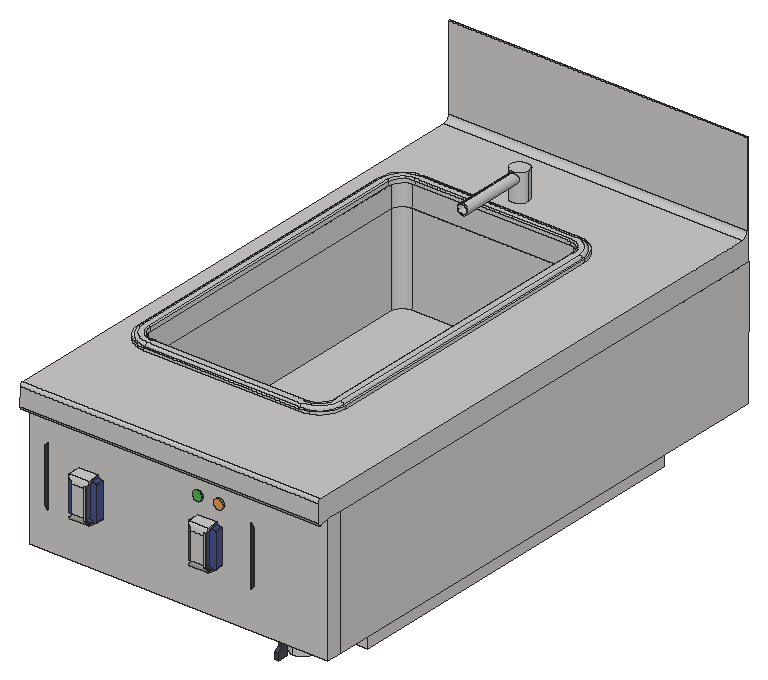
Revit family "QF_ELECTROLUXPROFESSIONAL_589923_HCBDBBDODM", category Specialty Equipment, Revit 2023
Family settings
  Round Connector Dimension = Use Diameter
  Part Type = Normal
  Work Plane-Based = No
  Enable Cutting in Views = No
  Always vertical = Yes
  Cut with Voids When Loaded = No
  Maintain Annotation Orientation = No
  Shared = No
  Room Calculation Point = No
Parameters
  Weight in Pounds = 487.22
  Weight = 45.00 kg
  Watts = 0 W
  Volts = 440 V
  URL Manufacturer = "http://www.electroluxprofessional.com"
  URL Cutsheet = ""
  URL = "http://www.electroluxprofessional.com"
  Type Mark [instance] = ""
  ThermaLine_Logo_Visible [instance] = no
  Specification by User [instance] = ""
  Specification by Manufacturer = ""
  Serial Number = ""
  Seismic Rating = ""
  SMACNA No = ""
  Revision Code [instance] = ""
  Phase = 3
  Length Actual = 500 mm
  Height Actual = 250 mm
  HP = "10.1 HP"
  Gas KW = 0
  Depth Actual = 900 mm
  Default Elevation = 0 mm
  Omniclass Number and Title = ""
  NAFEM Spec ID Number = ""
  Model = "HCBDBBDODM"
  Masterspec = ""
  Manufacturer = "Electrolux Professional"
  Item Number [instance] = "589923"
  Installed By [instance] = ""
  Identify Quantity as Lot [instance] = yes
  Furnished By [instance] = ""
  Foodservice Equipment Identifier [instance] = yes
  Electrolux_Logo_Visible [instance] = no
  Description = "ELECTRIC PASTA COOKER, 1/1GN, 1-SIDE, SPLASHBACK, 500X900X250H MARINE USPHS (ONLY M2M)"
  Cycle = 60 Hz
  Cold Water Size = 3/4"
  CSI MasterFormat = ""
  CSI Master Format = ""
  Accessory = no
Reference planes
  plane 1 "BACK": y = 0
  plane 2: z = 0
  plane 3 "LEFT": x = 0
  plane 4 "RIGHT": x = 500
  plane 5 "FRONT": y = -900
  plane 6 "TOP": z = 900
  plane 7 "Center (Left/Right)": x = 250
  plane 8 "Center (Front/Back)": y = -450
  plane 9: y = -150
  plane 10: y = -115
  plane 11: y = -863
  plane 12 "BaseTop": z = 650
  plane 13: y = -855
  plane 14 "EIx": x = 455
  plane 15: z = 1131
  plane 16 "Rubinetto": y = -105
  plane 17 "DrainX": x = 285
  plane 18 "WI_X": x = 80
  plane 19: x = 200.911
  plane 20 "DrainY": y = -665
  plane 21 "WI_Y": y = -680
  plane 22 "EI_Y": y = -720
  plane 23 "VASCA_base": z = 605
  plane 24 "Drain1_X": x = 200
  plane 25 "Drain1_Y": y = -160
  plane 26: x = 25
  plane 27: x = 375
  plane 28: z = 692.5
Forms (mm)
  Extrusion 1, solid, material "QF_Finishes_Stainless Steel"
    sketch origin (-178.969, -4572, 100) x (-1, 0, 0) y (0, -1, 0)
      loop
        line (-178.969, -4572) -> (-178.969, -3717) -> (-678.969, -3717) -> (-678.969, -4572) -> (-178.969, -4572)
    from 550 to 762.969
  Extrusion 2, solid, material "QF_Finishes_Stainless Steel"
    sketch origin (250, 296.4, 1219.2) x (0, 1, 0) y (0, 0, 1)
      loop
        line (-296.4, -169.2) -> (-298.4, -169.2) -> (-298.4, -309.2)
        arc (-298.4, -309.2) -> (-301.329, -316.271) -> (-308.4, -319.2) r 10
        line (-308.4, -319.2) -> (-1191.4, -319.2)
        arc (-1191.4, -319.2) -> (-1194.935, -320.664) -> (-1196.4, -324.2) r 5
        line (-1196.4, -324.2) -> (-1196.4, -355.2)
        arc (-1196.4, -355.2) -> (-1194.971, -358.264) -> (-1191.705, -359.139) r 4
        line (-1191.705, -359.139) -> (-1176.4, -356.231) -> (-296.4, -356.231) -> (-296.4, -169.2)
    from -250 to 250
  Extrusion 3, void
    sketch origin (-42.262, -65.631, 900) x (-1, 0, 0) y (0, -1, 0)
      loop
        arc (-378.131, 646.369) -> (-392.273, 640.511) -> (-398.131, 626.369) r 20
        line (-398.131, 626.369) -> (-398.131, 117.369)
        arc (-398.131, 117.369) -> (-392.273, 103.227) -> (-378.131, 97.369) r 20
        line (-378.131, 97.369) -> (-109.131, 97.369)
        arc (-109.131, 97.369) -> (-94.989, 103.227) -> (-89.131, 117.369) r 20
        line (-89.131, 117.369) -> (-89.131, 626.369)
        arc (-89.131, 626.369) -> (-94.989, 640.511) -> (-109.131, 646.369) r 20
        line (-109.131, 646.369) -> (-378.131, 646.369)
    from 0 to -190
  Sweep 4, solid, material "QF_Finishes_Stainless Steel"
    path origin (0, -25, 900) x (-1, 0, 0) y (0, -1, 0)
      loop
        line (-31.869, 163) -> (-31.869, 662)
        arc (-31.869, 662) -> (-43.585, 690.284) -> (-71.869, 702) r 40
        line (-71.869, 702) -> (-330.869, 702)
        arc (-330.869, 702) -> (-359.153, 690.284) -> (-370.869, 662) r 40
        line (-370.869, 662) -> (-370.869, 163)
        arc (-370.869, 163) -> (-359.153, 134.716) -> (-330.869, 123) r 40
        line (-330.869, 123) -> (-71.869, 123)
        arc (-71.869, 123) -> (-43.585, 134.716) -> (-31.869, 163) r 40
    profile origin (31.869, -437.5, 900) x (1, 0, 0) y (0, 0, 1)
      loop
        line (15, 0) -> (15, 6)
        arc (15, 6) -> (14.414, 7.414) -> (13, 8) r 2
        line (13, 8) -> (4, 8)
        arc (4, 8) -> (1.172, 6.828) -> (0, 4) r 4
        line (0, 4) -> (-4, 4) -> (-4, 0) -> (15, 0)
  Extrusion 5, void
    sketch origin (0, 25, 900) x (-1, 0, 0) y (0, -1, 0)
      loop
        arc (-335.869, 737) -> (-350.011, 731.142) -> (-355.869, 717) r 20
        line (-355.869, 717) -> (-355.869, 208)
        arc (-355.869, 208) -> (-350.011, 193.858) -> (-335.869, 188) r 20
        line (-335.869, 188) -> (-66.869, 188)
        arc (-66.869, 188) -> (-52.727, 193.858) -> (-46.869, 208) r 20
        line (-46.869, 208) -> (-46.869, 717)
        arc (-46.869, 717) -> (-52.727, 731.142) -> (-66.869, 737) r 20
        line (-66.869, 737) -> (-335.869, 737)
    from 0 to -190
  Extrusion 6, void
    sketch origin (35.003, -199.348, 650) x (-1, 0, 0) y (0, -1, 0)
      loop
        circle (-249.997, 465.652) r 15
    from 51.235 to 62.378
  Extrusion 7, solid, material "QF_Finishes_Stainless Steel"
    sketch origin (0, 0, 900) x (-1, 0, 0) y (0, -1, 0)
      loop
        circle (-201.193, 105) r 15
    from 0 to 45
  Extrusion 8, solid, material "QF_Finishes_Stainless Steel"
    sketch origin (0, -105, 0) x (0, 0, 1) y (-1, 0, 0)
      loop
        circle (935, -201.193) r 8.538
      loop
        circle (935, -201.193) r 7.538
    from 0 to 120
  Extrusion 9, solid, material "QF_Finishes_Stainless Steel"
    sketch origin (0, 0, 0) x (1, 0, 0) y (0, 1, 0)
      loop
        circle (455, -720) r 10
    from 601.586 to 605
  Extrusion 10, solid, material "QF_Finishes_Stainless Steel"
    sketch origin (0, 0, 0) x (1, 0, 0) y (0, 1, 0)
      loop
        circle (80, -680) r 12.7
    from 585.184 to 605
  Extrusion 11, solid, material "QF_Finishes_Stainless Steel"
    sketch origin (2.131, -0.5, 605) x (0, 1, 0) y (-1, 0, 0)
      loop
        line (-139.5, -27.869) -> (-759.5, -27.869) -> (-759.5, -467.869) -> (-139.5, -467.869) -> (-139.5, -27.869)
    from 0 to 45
  Extrusion 12, solid, material "QF_Finishes_Stainless Steel"
    sketch origin (45, 0, 0) x (1, 0, 0) y (0, 1, 0)
      loop
        circle (80, -680) r 12.7
    from 585.184 to 605
  Extrusion 13, solid, material "QF_Clearances", detail levels coarse
    sketch origin (0, 0, 0) x (1, 0, 0) y (0, 0, 1)
      loop
        line (0, 650) -> (0, 350) -> (500, 350) -> (500, 650) -> (0, 650)
    from 830 to 0
  Extrusion 14, solid, material "QF_Finishes_Black"
    sketch origin (285, 0, 0) x (0, 1, 0) y (0, 0, 1)
      loop
        line (-701.372, 564.23) -> (-718.355, 564.23) -> (-718.355, 554.23) -> (-711.284, 547.159) -> (-711.284, 522.159) -> (-718.355, 515.088) -> (-718.355, 505.088) -> (-701.372, 505.088) -> (-701.372, 564.23)
    from 3 to -3
  Extrusion 15, solid, material "QF_Finishes_Stainless Steel"
    sketch origin (0, -665, 0) x (-1, 0, 0) y (0, 0, 1)
      loop
        circle (-285, 534.659) r 10
    from 0 to -36.372
  Revolve 16, solid, material "QF_Finishes_Stainless Steel"
    sketch origin (285, 0, 0) x (0, 1, 0) y (0, 0, 1)
      loop
        line (-682.968, 605) -> (-682.968, 555) -> (-692.968, 555) -> (-690.121, 514.278) -> (-684.393, 514.278) -> (-684.393, 497.611) -> (-665, 497.611) -> (-665, 605) -> (-682.968, 605)
      axis (-665, 605) -> (-665, 497.611)
    angle from 0 to 360
  Extrusion 17, solid, material "QF_Finishes_Stainless Steel"
    sketch origin (0, 0, 605) x (0, 1, 0) y (-1, 0, 0)
      loop
        circle (-160, -200) r 15
    from 0 to -85
  Extrusion 18, solid, material "QF_Finishes_Stainless Steel"
    sketch origin (0, 0, 605) x (0, 1, 0) y (-1, 0, 0)
      loop
        circle (-160, -200) r 20
    from -85 to -105
  Extrusion 19, solid, material "QF_Clearances", detail levels coarse
    sketch origin (0, -900, 0) x (1, 0, 0) y (0, 0, 1)
      loop
        line (0, 650) -> (0, 630) -> (500, 630) -> (500, 650) -> (0, 650)
    from -20 to -70
  Extrusion 20, solid, material "QF_Finishes_Stainless Steel"
    sketch origin (0, 0, 650) x (-1, 0, 0) y (0, -1, 0)
      loop
        circle (-201.193, 105) r 8
      loop
        circle (-201.193, 105) r 6.5
    from -60 to 0
Cuts and joins
  Extrusion 3 cuts Extrusion 2
  Extrusion 5 cuts Sweep 4
  Extrusion 5, Extrusion 6 cuts Extrusion 1
  joined: Extrusion 7, Extrusion 8
  joined: Extrusion 15, Revolve 16
  joined: Extrusion 13, Extrusion 19
Lines and regions (mm)
  symbolic lines, style "QF_2DLine_200"
    curve 1: line (0, 0, 100) -> (500, 0, 100)
    curve 2: line (0, -900, 100) -> (0, 0, 100)
    curve 3: line (500, -900, 100) -> (0, -900, 100)
    curve 4: line (500, 0, 100) -> (500, -900, 100)
  symbolic lines, style "QF_2DLine_204"
    curve 5: circle (285, -665, 0) r 15 normal (0, 0, 1)
    curve 6: arc (71.869, -144, 605) -> (40.756, -156.887, 605) -> (27.869, -188, 605) r 44
    curve 7: arc (71.869, -148, 605) -> (43.585, -159.716, 605) -> (31.869, -188, 605) r 40
    curve 8: arc (71.869, -163, 605) -> (54.192, -170.322, 605) -> (46.869, -188, 605) r 25
    curve 9: line (330.869, -148, 605) -> (209.73, -148, 605)
    curve 10: line (330.869, -144, 605) -> (209.73, -144, 605)
    curve 11: line (71.869, -163, 605) -> (192.655, -163, 605)
    curve 12: arc (355.869, -188, 605) -> (348.547, -170.322, 605) -> (330.869, -163, 605) r 25
    curve 13: arc (374.869, -188, 605) -> (361.982, -156.887, 605) -> (330.869, -144, 605) r 44
    curve 14: arc (370.869, -188, 605) -> (359.153, -159.716, 605) -> (330.869, -148, 605) r 40
    curve 15: line (355.869, -188, 605) -> (355.869, -687, 605)
    curve 16: line (370.869, -687, 605) -> (370.869, -188, 605)
    curve 17: line (374.869, -687, 605) -> (374.869, -188, 605)
    curve 18: line (192.655, -225, 605) -> (209.73, -225, 605)
    curve 19: circle (201.193, -105, 605) r 15 normal (0, 0, 1)
    curve 20: line (27.869, -188, 605) -> (27.869, -687, 605)
    curve 21: line (31.869, -687, 605) -> (31.869, -188, 605)
    curve 22: line (46.869, -687, 605) -> (46.869, -188, 605)
    curve 23: arc (27.869, -687, 605) -> (40.756, -718.113, 605) -> (71.869, -731, 605) r 44
    curve 24: arc (31.869, -687, 605) -> (43.585, -715.284, 605) -> (71.869, -727, 605) r 40
    curve 25: arc (46.869, -687, 605) -> (54.192, -704.678, 605) -> (71.869, -712, 605) r 25
    curve 26: line (330.869, -712, 605) -> (71.869, -712, 605)
    curve 27: line (71.869, -727, 605) -> (330.869, -727, 605)
    curve 28: line (71.869, -731, 605) -> (330.869, -731, 605)
    curve 29: arc (330.869, -731, 605) -> (361.982, -718.113, 605) -> (374.869, -687, 605) r 44
    curve 30: arc (330.869, -727, 605) -> (359.153, -715.284, 605) -> (370.869, -687, 605) r 40
    curve 31: arc (330.869, -712, 605) -> (348.547, -704.678, 605) -> (355.869, -687, 605) r 25
    curve 32: line (192.655, -144, 605) -> (71.869, -144, 605)
    curve 33: line (192.655, -148, 605) -> (71.869, -148, 605)
    curve 34: line (209.73, -163, 605) -> (330.869, -163, 605)
    curve 35: line (209.73, -225, 605) -> (209.73, -117.333, 605)
    curve 36: line (192.655, -225, 605) -> (192.655, -117.333, 605)
Dimensions and locks
  plane 3 "LEFT" to plane 4 "RIGHT" = 500 mm
  plane 5 "FRONT" to plane 1 "BACK" = 900 mm
  equal spacing: plane 3 "LEFT", plane 7 "Center (Left/Right)", plane 4 "RIGHT"
  plane 5 "FRONT" to plane 8 "Center (Front/Back)" to plane 1 "BACK" = 450 mm, 450 mm
  plane 6 "TOP" to level = 900 mm  (x2)
  plane 1 "BACK" to plane 9 = 150 mm
  plane 10 to plane 1 "BACK" = 115 mm
  locked: plane 5 "FRONT" to plane 11 at 37
  locked: plane 6 "TOP" to plane 12 "BaseTop" at 250
  locked: plane 13 to plane 5 "FRONT" at 45
  plane 14 "EIx" to plane 4 "RIGHT" = 45 mm
  plane 15 to plane 6 "TOP" = 231 mm
  plane 11 to plane 13 = 8 mm
  plane 3 "LEFT" to plane 17 "DrainX" = 285 mm
  plane 17 "DrainX" to plane 4 "RIGHT" = 215 mm
  plane 20 "DrainY" to plane 1 "BACK" = 665 mm
  plane 21 "WI_Y" to plane 1 "BACK" = 680 mm
  plane 22 "EI_Y" to plane 1 "BACK" = 720 mm
  plane 18 "WI_X" to plane 4 "RIGHT" = 420 mm
  plane 12 "BaseTop" to plane 23 "VASCA_base" = 45 mm
  plane 24 "Drain1_X" to plane 4 "RIGHT" = 300 mm
  plane 25 "Drain1_Y" to plane 1 "BACK" = 160 mm
  aligned and locked: level to plane 2
  aligned and locked: Extrusion 1 to plane 13
  aligned and locked: nested 1 to plane 13
  aligned and locked: Extrusion 13 to nested 1
Automatic sketch dimensions
  curve 5 to plane 17 "DrainX" = 0 mm
  curve 5 to plane 20 "DrainY" = 0 mm
  plane 1 "BACK" to Extrusion 1 sketch curve = 0 mm
  Extrusion 1 sketch curve to plane 4 "RIGHT" = 0 mm
  Extrusion 1 sketch curve to plane 3 "LEFT" = 0 mm
  Extrusion 1 sketch curve to plane 13 = 0 mm
  plane 1 "BACK" to curve 1 = 0 mm
  curve 1 to plane 4 "RIGHT" = 0 mm
  curve 3 to plane 3 "LEFT" = 0 mm
  plane 5 "FRONT" to curve 3 = 0 mm
  Extrusion 3 sketch curve to plane 21 "WI_Y" = 12 mm  (x2)
  plane 17 "DrainX" to Extrusion 3 sketch curve = 70.869 mm
  Extrusion 3 sketch curve to Extrusion 3 sketch curve = 20 mm
  plane 22 "EI_Y" to Extrusion 3 sketch curve = 8 mm
  Extrusion 3 sketch curve to plane 18 "WI_X" = 13.131 mm  (x2)
  Sweep 4 sketch curve to plane 21 "WI_Y" = 7 mm  (x2)
  Sweep 4 sketch curve to plane 14 "EIx" = 84.131 mm
  Sweep 4 sketch curve to plane 22 "EI_Y" = 7 mm
  plane 9 to Sweep 4 sketch curve = 2 mm
  plane 17 "DrainX" to Sweep 4 sketch curve = 45.869 mm
  Sweep 4 sketch curve to plane 18 "WI_X" = 8.131 mm  (x2)
  Sweep 4 sketch curve to plane 6 "TOP" = 0 mm
  profile plane to Sweep 4 sketch curve = 0 mm
  profile plane to Sweep 4 sketch curve = 4 mm
  Sweep 4 sketch curve to Sweep 4 sketch curve = 4 mm
  Sweep 4 sketch curve to Sweep 4 sketch curve = 9 mm
  Sweep 4 sketch curve to Sweep 4 sketch curve = 2 mm
  plane 6 "TOP" to Sweep 4 sketch curve = 4 mm
  plane 17 "DrainX" to Extrusion 5 sketch curve = 70.869 mm
  Extrusion 5 sketch curve to Extrusion 5 sketch curve = 20 mm  (x3)
  Extrusion 5 sketch curve to plane 18 "WI_X" = 13.131 mm  (x2)
  Extrusion 5 sketch curve to plane 21 "WI_Y" = 12 mm
  Extrusion 6 sketch curve to plane 17 "DrainX" = 0 mm
  Extrusion 6 sketch curve to plane 20 "DrainY" = 0 mm
  plane 16 "Rubinetto" to Extrusion 7 sketch curve = 0 mm
  Extrusion 7 sketch curve to plane 19 = 0.282 mm
  Extrusion 8 sketch curve to Extrusion 8 sketch curve = 0 mm  (x2)
  Extrusion 8 sketch curve to plane 19 = 0.282 mm
  plane 6 "TOP" to Extrusion 8 sketch curve = 35 mm
  Extrusion 9 sketch curve to plane 14 "EIx" = 0 mm
  Extrusion 9 sketch curve to plane 22 "EI_Y" = 0 mm
  Extrusion 10 sketch curve to plane 18 "WI_X" = 0 mm
  Extrusion 10 sketch curve to plane 21 "WI_Y" = 0 mm
  Extrusion 11 sketch curve to plane 22 "EI_Y" = 40 mm
  plane 9 to Extrusion 11 sketch curve = 10 mm
  plane 14 "EIx" to Extrusion 11 sketch curve = 15 mm
  plane 3 "LEFT" to Extrusion 11 sketch curve = 30 mm
  Extrusion 12 sketch curve to plane 21 "WI_Y" = 0 mm
  plane 18 "WI_X" to Extrusion 12 sketch curve = 45 mm
  Extrusion 13 sketch curve to plane 3 "LEFT" = 0 mm
  plane 4 "RIGHT" to Extrusion 13 sketch curve = 0 mm
  Extrusion 13 sketch curve to plane 12 "BaseTop" = 0 mm
  Extrusion 13 sketch curve to plane 23 "VASCA_base" = 255 mm
  plane 22 "EI_Y" to Extrusion 14 sketch curve = 1.645 mm  (x2)
  plane 22 "EI_Y" to Extrusion 14 sketch curve = 8.716 mm
  Extrusion 14 sketch curve to Extrusion 14 sketch curve = 16.983 mm
  Extrusion 14 sketch curve to plane 23 "VASCA_base" = 99.912 mm
  Extrusion 14 sketch curve to Extrusion 14 sketch curve = 10 mm  (x2)
  Extrusion 14 sketch curve to Extrusion 14 sketch curve = 7.071 mm  (x2)
  Extrusion 14 sketch curve to Extrusion 14 sketch curve = 25 mm
  Extrusion 15 sketch curve to plane 17 "DrainX" = 0 mm
  Extrusion 15 sketch curve to plane 23 "VASCA_base" = 70.341 mm
  Revolve 16 sketch curve to plane 23 "VASCA_base" = 0 mm
  Revolve 16 sketch curve to plane 20 "DrainY" = 0 mm  (x2)
  Revolve 16 sketch curve to plane 21 "WI_Y" = 2.968 mm
  Revolve 16 sketch curve to plane 21 "WI_Y" = 4.393 mm
  Revolve 16 sketch curve to Revolve 16 sketch curve = 5.728 mm
  Revolve 16 sketch curve to Revolve 16 sketch curve = 10 mm
  Revolve 16 sketch curve to plane 23 "VASCA_base" = 50 mm
  Revolve 16 sketch curve to Revolve 16 sketch curve = 40.722 mm
  Revolve 16 sketch curve to Revolve 16 sketch curve = 16.668 mm
  Revolve 16 sketch curve to Revolve 16 sketch curve = 22.611 mm
  Revolve 16 sketch curve to Revolve 16 sketch curve = 15 mm
  Extrusion 3 sketch curve to plane 25 "Drain1_Y" = 23 mm
  Extrusion 5 sketch curve to plane 25 "Drain1_Y" = 3 mm
  Extrusion 17 sketch curve to plane 24 "Drain1_X" = 0 mm
  Extrusion 17 sketch curve to plane 25 "Drain1_Y" = 0 mm
  Extrusion 18 sketch curve to plane 24 "Drain1_X" = 0 mm
  Extrusion 18 sketch curve to plane 25 "Drain1_Y" = 0 mm
  curve 6 to curve 7 = 0 mm
  curve 6 to curve 8 = 0 mm  (x2)
  curve 7 to curve 8 = 0 mm
  curve 12 to curve 13 = 0 mm  (x2)
  curve 12 to curve 14 = 0 mm  (x2)
  curve 23 to curve 24 = 0 mm  (x2)
  curve 23 to curve 25 = 0 mm  (x2)
  curve 29 to curve 30 = 0 mm
  curve 29 to curve 31 = 0 mm
  curve 30 to curve 31 = 0 mm  (x2)
  plane 16 "Rubinetto" to curve 19 = 0 mm
  plane 9 to curve 32 = 6 mm
  plane 9 to curve 10 = 6 mm
  plane 9 to curve 9 = 2 mm
  curve 11 to plane 25 "Drain1_Y" = 3 mm
  curve 6 to plane 18 "WI_X" = 8.131 mm
  curve 6 to curve 11 = 25 mm
  curve 17 to plane 25 "Drain1_Y" = 28 mm
  curve 35 to curve 34 = 62 mm
  curve 17 to plane 21 "WI_Y" = 7 mm
  curve 20 to plane 21 "WI_Y" = 7 mm
  plane 22 "EI_Y" to curve 26 = 8 mm
  plane 17 "DrainX" to curve 31 = 45.869 mm
  curve 19 to plane 19 = 0.282 mm
  plane 10 to curve 35 = 2.333 mm
  plane 10 to curve 36 = 2.333 mm
  curve 11 to plane 24 "Drain1_X" = 7.345 mm
  Extrusion 19 sketch curve to plane 3 "LEFT" = 0 mm
  Extrusion 19 sketch curve to plane 4 "RIGHT" = 0 mm
  level to Extrusion 19 sketch curve = 630 mm
  Extrusion 19 sketch curve to plane 6 "TOP" = 250 mm
  Extrusion 20 sketch curve to Extrusion 20 sketch curve = 0 mm  (x2)
  plane 16 "Rubinetto" to Extrusion 20 sketch curve = 0 mm
  Extrusion 20 sketch curve to plane 19 = 0.282 mm
  Extrusion 2 sketch curve to plane 5 "FRONT" = 0 mm
  Extrusion 2 sketch curve to plane 6 "TOP" = 0 mm
  Extrusion 2 sketch curve to plane 1 "BACK" = 0 mm
  Extrusion 2 sketch curve to plane 5 "FRONT" = 4 mm
  Extrusion 2 sketch curve to Extrusion 2 sketch curve = 0.695 mm
  Extrusion 2 sketch curve to plane 5 "FRONT" = 5 mm
  Extrusion 2 sketch curve to Extrusion 2 sketch curve = 15.305 mm
  plane 1 "BACK" to Extrusion 2 sketch curve = 2 mm
  Extrusion 2 sketch curve to Extrusion 2 sketch curve = 31 mm
  Extrusion 2 sketch curve to Extrusion 2 sketch curve = 2.909 mm
  plane 6 "TOP" to Extrusion 2 sketch curve = 10 mm
  Extrusion 2 sketch curve to plane 15 = 81 mm
  radius of curve 5 = 15 mm
  radius of Extrusion 6 sketch curve = 15 mm
  radius of Extrusion 7 sketch curve = 15 mm
  radius of Extrusion 8 sketch curve = 8.538 mm
  radius of Extrusion 8 sketch curve = 7.538 mm
  radius of Extrusion 9 sketch curve = 10 mm
  radius of Extrusion 10 sketch curve = 12.7 mm
  radius of Extrusion 12 sketch curve = 12.7 mm
  radius of Extrusion 15 sketch curve = 10 mm
  radius of Extrusion 17 sketch curve = 15 mm
  radius of Extrusion 18 sketch curve = 20 mm
  radius of Extrusion 20 sketch curve = 8 mm
  radius of Extrusion 20 sketch curve = 6.5 mm
Nested families
  nested 1: "Front_Panel_W500_2_Knob_2Spie" at (-147.624, -855, 0), type "Front_Panel_W500_2_Knob_2Spie"
  nested 2: "ELX_Professional_Logo_Small" at (84.486, -880, 681.68) x (1, 0, 0) z (0, -1, 0), visible <- "Electrolux_Logo_Visible", type "ELX_Professional_Logo_Small"
    with Show Logo yes, Material_Logo QF_Finishes_Black
  nested 3: "ELX_ThermaLine_Small" at (326.407, -880, 679.448) x (1, 0, 0) z (0, -1, 0), visible <- "ThermaLine_Logo_Visible", type "ELX_ThermaLine_Small"
    with Show Logo yes, Material_Logo QF_Finishes_Black
Connectors
  piping at (285, -665, 497.611), diameter 30
    settings: on cut or joined group of Extrusion 15, Revolve 16, index 1, connector inside diameter 24", connector length 0 mm, flow factor 0, pipe flow 0 GPM, pressure drop 0.00 psi, fitting loss kfactor 0, connector angle 0.00°, fixture units 0, engagement length 0 mm, angle of deflection 0.00°, flow configuration 1, flow direction 2, fitting loss method 0, system type 16, joint type 0, gender type 0, connector reference index -1, connector utility 0, adjustable connector no, is connector primary yes, connector description "Drain"
  piping at (200, -160, 500), diameter 30
    settings: on Extrusion 18, index 2, connector inside diameter 24", connector length 0 mm, flow factor 0, pipe flow 0 GPM, pressure drop 0.00 psi, fitting loss kfactor 0, connector angle 0.00°, fixture units 0, engagement length 0 mm, angle of deflection 0.00°, flow configuration 0, flow direction 2, fitting loss method 0, system type 7, joint type 0, gender type 0, connector reference index -1, connector utility 0, adjustable connector no, is connector primary no, connector description "Drain"
  electrical at (455, -720, 601.586)
    settings: on Extrusion 9, index 3, voltage 0 V, apparent load 0 VA, apparent load phase1 0 VA, apparent load phase2 0 VA, apparent load phase3 0 VA, power factor 1, load classification "Altro", number of poles 1, system type 30, power factor state 1, is connector primary yes, connector utility no, sub classification motor no, connector description "Electrical Connection"
  piping at (201.193, -105, 590), diameter 25.4
    settings: on Extrusion 20, index 4, connector inside diameter 24", connector length 0 mm, flow factor 0, pipe flow 0 GPM, pressure drop 0.00 psi, fitting loss kfactor 0, connector angle 0.00°, fixture units 0, engagement length 0 mm, angle of deflection 0.00°, flow configuration 0, flow direction 1, fitting loss method 0, system type 20, joint type 0, gender type 0, connector reference index -1, connector utility 0, adjustable connector no, is connector primary no, connector description "Cold Water Inlet"
Definition of nested family "Front_Panel_W500_2_Knob_2Spie"
  Parameters (values of type "Front_Panel_W500_2_Knob_2Spie")
    Width = 500 mm
    Default Elevation = 0 mm
  Reference planes
    plane 1 "Center (Front/Back)": y = 0
    plane 2: z = 0
    plane 3 "Center (Left/Right)": x = 397.624
    plane 4 "Left": x = 147.624
    plane 5 "Right": x = 647.624
    plane 6: y = -45
    plane 7: y = -25
    plane 8: x = 522.624
    plane 9: x = 172.624
    plane 10: z = 650
    plane 11: z = 762
    plane 12: z = 822
    plane 13: x = 247.624
    plane 14: x = 447.624
  Forms (mm)
    Extrusion 1, solid
      sketch origin (833.217, 829.203, -1.25) x (0, 1, 0) y (0, 0, 1)
        loop
          line (-854.203, 651.25) -> (-829.203, 651.25) -> (-829.203, 864.25) -> (-854.203, 864.25) -> (-854.203, 651.25)
      from -685.593 to -185.593
    Extrusion 2, void
      sketch origin (0, 0, 0) x (1, 0, 0) y (0, 0, 1)
        loop
          line (172.624, 716.978) -> (177.624, 711.978) -> (177.624, 811.978) -> (172.624, 806.978) -> (172.624, 716.978)
        loop
          line (522.624, 806.978) -> (517.624, 811.978) -> (517.624, 711.978) -> (522.624, 716.978) -> (522.624, 806.978)
      from 23 to 25
    Extrusion 3, solid
      sketch origin (0, 0, 0) x (1, 0, 0) y (0, 0, 1)
        loop
          line (172.624, 716.978) -> (177.624, 711.978) -> (177.624, 811.978) -> (172.624, 806.978) -> (172.624, 716.978)
        loop
          line (522.624, 806.978) -> (517.624, 811.978) -> (517.624, 711.978) -> (522.624, 716.978) -> (522.624, 806.978)
      from 23 to 25
    Extrusion 4, solid
      sketch origin (133.226, 0, -6.594) x (1, 0, 0) y (0, 0, 1)
        loop
          circle (332.398, 828.594) r 8
      from 27 to 25
    Extrusion 5, solid
      sketch origin (97.226, 0, -6.594) x (1, 0, 0) y (0, 0, 1)
        loop
          circle (332.398, 828.594) r 8
      from 27 to 25
  Cuts and joins
    Extrusion 2 cuts Extrusion 1
  Dimensions and locks
    equal spacing: plane 5 "Right", plane 3 "Center (Left/Right)", plane 4 "Left"
    "Width": plane 5 "Right" to plane 4 "Left"
    plane 9 to plane 4 "Left" = 25 mm
    plane 5 "Right" to plane 8 = 125 mm
    plane 13 to plane 4 "Left" = 100 mm
    plane 5 "Right" to plane 14 = 200 mm
    aligned and locked: cut or joined group of Extrusion 1, Extrusion 2 to plane 4 "Left"
    aligned and locked: plane 5 "Right" to cut or joined group of Extrusion 1, Extrusion 2
    aligned and locked: plane 13 to nested 1
    aligned and locked: plane 14 to nested 2
  Automatic sketch dimensions
    Extrusion 1 sketch curve to plane 7 = 0 mm
    Extrusion 1 sketch curve to plane 1 "Center (Front/Back)" = 0 mm
    level to Extrusion 1 sketch curve = 650 mm
    Extrusion 1 sketch curve to Extrusion 1 sketch curve = 213 mm
    Extrusion 2 sketch curve to plane 9 = 0 mm
    Extrusion 2 sketch curve to plane 8 = 0 mm
    plane 9 to Extrusion 2 sketch curve = 5 mm
    Extrusion 2 sketch curve to plane 8 = 5 mm
    level to Extrusion 2 sketch curve = 711.978 mm
    Extrusion 2 sketch curve to Extrusion 2 sketch curve = 0 mm
    Extrusion 2 sketch curve to Extrusion 2 sketch curve = 5 mm  (x4)
    Extrusion 2 sketch curve to Extrusion 2 sketch curve = 90 mm  (x2)
    Extrusion 3 sketch curve to plane 9 = 0 mm
    Extrusion 3 sketch curve to plane 8 = 0 mm
    plane 9 to Extrusion 3 sketch curve = 5 mm
    Extrusion 3 sketch curve to plane 8 = 5 mm
    level to Extrusion 3 sketch curve = 711.978 mm
    Extrusion 3 sketch curve to Extrusion 3 sketch curve = 0 mm
    Extrusion 3 sketch curve to Extrusion 3 sketch curve = 5 mm  (x4)
    Extrusion 3 sketch curve to Extrusion 3 sketch curve = 90 mm  (x2)
    plane 3 "Center (Left/Right)" to Extrusion 4 sketch curve = 68 mm
    level to Extrusion 4 sketch curve = 822 mm
    plane 3 "Center (Left/Right)" to Extrusion 5 sketch curve = 32 mm
    level to Extrusion 5 sketch curve = 822 mm
    radius of Extrusion 4 sketch curve = 8 mm
    radius of Extrusion 5 sketch curve = 8 mm
  Nested families
    nested 1: "Range Control Handle" at (247.624, -28.137, -209.113) x (-1, 0, 0) z (0, 0, 1), type "Range Control Handle"
    nested 2: "Range Control Handle" at (447.624, -28.137, -209.113) x (-1, 0, 0) z (0, 0, 1), type "Range Control Handle"
  Definition of nested family "Range Control Handle"
    Parameters (values of type "Range Control Handle")
      Default Elevation = 0 mm
    Reference planes
      plane 1 "Center (Front/Back)": y = 0
      plane 2: z = 0
      plane 3 "Center (Left/Right)": x = 0
      plane 4: z = 971.092
      plane 5: y = -16.9
    Forms (mm)
      Extrusion 1, solid
        sketch origin (-746.28, 380.497, 208.931) x (-1, 0, 0) y (0, 0, 1)
          loop
            line (-770.101, 786.798) -> (-770.101, 731.649)
            arc (-770.101, 731.649) -> (-769.759, 730.563) -> (-768.855, 729.87) r 1.893
            line (-768.855, 729.87) -> (-763.474, 727.911) -> (-729.81, 727.911) -> (-724.428, 729.87)
            arc (-724.428, 729.87) -> (-723.525, 730.563) -> (-723.183, 731.649) r 1.893
            line (-723.183, 731.649) -> (-723.183, 786.798)
            arc (-723.183, 786.798) -> (-723.529, 787.894) -> (-724.44, 788.593) r 1.91
            line (-724.44, 788.593) -> (-729.683, 790.819) -> (-763.601, 790.819) -> (-768.844, 788.593)
            arc (-768.844, 788.593) -> (-769.755, 787.894) -> (-770.101, 786.798) r 1.91
        from -397.397 to -378.852
      Sweep 2, solid
        path origin (-746.788, 380.496, 208.091) x (0, -1, 0) y (0, 0, 1)
          loop
            line (379.775, 793.281) -> (395.661, 791.048)
            arc (395.661, 791.048) -> (397.781, 787.377) -> (398.517, 783.202) r 12.207
            line (398.517, 783.202) -> (398.517, 737.368)
            arc (398.517, 737.368) -> (397.781, 733.193) -> (395.661, 729.522) r 12.207
            line (395.661, 729.522) -> (379.775, 727.289)
        profile origin (-746.788, -7.222, 1000.256) x (0, -0.139173, 0.990268) y (-1, 0, 0)
          loop
            line (0.782, -763.123) -> (0.782, -730.907) -> (-1.322, -730.907) -> (-1.322, -763.123) -> (0.782, -763.123)
      Sweep 3, solid
        path origin (-746.788, 380.715, 207.832) x (0, -1, 0) y (0, 0, 1)
          loop
            line (380.478, 795.442) -> (397.218, 793.09)
            arc (397.218, 793.09) -> (399.929, 788.473) -> (400.871, 783.202) r 15.207
            line (400.871, 783.202) -> (400.871, 737.584)
            arc (400.871, 737.584) -> (399.914, 732.274) -> (397.164, 727.633) r 15.207
            line (397.164, 727.633) -> (380.601, 725.305)
        profile origin (-746.788, -8.132, 1002.099) x (0, -0.139173, 0.990268) y (-1, 0, 0)
          loop
            line (0.782, -763.123) -> (0.782, -730.907) -> (-1.322, -730.907) -> (-1.322, -763.123) -> (0.782, -763.123)
      Extrusion 4, void
        sketch origin (889.253, 220.666, 207.993) x (1, 0, 0) y (0, 0, 1)
          loop
            line (-943.038, 816.854) -> (-943.038, 703.686) -> (-899.466, 734.196) -> (-899.466, 786.344) -> (-943.038, 816.854)
        from 230.636 to 242.25
      Extrusion 5, void
        sketch origin (-888.8, 220.666, 207.993) x (-1, 0, 0) y (0, 0, -1)
          loop
            line (-943.038, -816.854) -> (-899.466, -786.344) -> (-899.466, -734.196) -> (-943.038, -703.686) -> (-943.038, -816.854)
        from 230.636 to 242.25
      Extrusion 6, solid
        sketch origin (0, 0, 0) x (1, 0, 0) y (0, 0, 1)
          loop
            circle (0, 971.092) r 7.736
        from -3.137 to -1.645
    Cuts and joins
      Extrusion 4, Extrusion 5 cuts Sweep 3
      Extrusion 4, Extrusion 5 cuts Sweep 2
      Extrusion 4, Extrusion 5 cuts Extrusion 1
      joined: Extrusion 1, Extrusion 6
    Lines and regions (mm)
      symbolic lines
        curve 1: line (16.334, -16.9, 0) -> (16.334, -19.227, 0)
        curve 2: spline (16.334, -19.227, 0) -> (15.87, -19.385, 0) -> (15.404, -19.536, 0) -> (14.936, -19.678, 0) -> (14.466, -19.813, 0) -> (13.995, -19.94, 0) -> (13.523, -20.059, 0) -> (13.049, -20.171, 0) -> (12.575, -20.274, 0) -> (12.099, -20.37, 0) -> (11.622, -20.458, 0) -> (11.144, -20.537, 0) -> (10.666, -20.609, 0)
        curve 3: line (10.666, -16.9, 0) -> (10.666, -20.938, 0)
        curve 4: line (-10.213, -20.938, 0) -> (10.666, -20.938, 0)
        curve 5: line (-10.213, -20.938, 0) -> (-10.213, -16.9, 0)
        curve 6: spline (-10.213, -20.609, 0) -> (-10.691, -20.537, 0) -> (-11.169, -20.458, 0) -> (-11.646, -20.37, 0) -> (-12.122, -20.274, 0) -> (-12.597, -20.171, 0) -> (-13.07, -20.059, 0) -> (-13.542, -19.94, 0) -> (-14.013, -19.813, 0) -> (-14.483, -19.678, 0) -> (-14.951, -19.536, 0) -> (-15.417, -19.385, 0) -> (-15.881, -19.227, 0)
        curve 7: line (-15.881, -19.227, 0) -> (-15.881, -16.9, 0)
Definition of nested family "ELX_Professional_Logo_Small"
  Parameters (values of type "ELX_Professional_Logo_Small")
    Show Logo [instance] = yes
    Material_Logo [instance] = none
    Default Elevation = 0 mm
  Reference planes
    plane 1 "Centro (Fronte/Retro)": y = 0
    plane 2: z = 0
    plane 3 "Centro (Sinistra/Destra)": x = 0
  Forms (mm)
    Extrusion 1, solid
      sketch origin (0, 0, 0) x (1, 0, 0) y (0, 1, 0)
        loop
          line (-1219.2, 1219.2) -> (-1219.2, -1219.2) -> (1219.2, -1219.2) -> (1219.2, 1219.2) -> (-1219.2, 1219.2)
      from 0 to -304.8
    Extrusion 2, solid, material <- "Material_Logo"
      sketch origin (15.5, 0, 0) x (1, 0, 0) y (0, 1, 0)
        loop
          spline (-42.99, -1.24) -> (-43.195, -1.231) -> (-43.415, -1.203) -> (-43.642, -1.152) -> (-43.87, -1.074) -> (-44.095, -0.966) -> (-44.309, -0.825) -> (-44.506, -0.647) -> (-44.681, -0.429) -> (-44.828, -0.167) -> (-44.94, 0.142) -> (-45.011, 0.501) -> (-45.037, 0.915)
          line (-45.037, 0.915) -> (-45.037, 2.748) -> (-38.984, 2.748) -> (-38.984, 5.086) -> (-45.038, 5.086) -> (-45.038, 8.489) -> (-38.599, 8.489) -> (-38.599, 10.82) -> (-47.515, 10.82) -> (-47.515, 1.021)
          spline (-47.515, 1.021) -> (-47.493, 0.418) -> (-47.425, -0.15) -> (-47.311, -0.682) -> (-47.15, -1.175) -> (-46.939, -1.628) -> (-46.678, -2.038) -> (-46.365, -2.404) -> (-46, -2.723) -> (-45.58, -2.995) -> (-45.105, -3.216) -> (-44.573, -3.385) -> (-43.983, -3.499)
          line (-43.983, -3.499) -> (-43.01, -3.569) -> (-38.426, -3.569) -> (-38.426, -1.24) -> (-42.99, -1.24)
        loop
          line (-36.666, 4.021) -> (-36.666, -3.573) -> (-34.188, -3.573) -> (-34.188, 10.824) -> (-36.666, 10.824) -> (-36.666, 4.021)
        loop
          spline (-21.915, 1.897) -> (-21.957, 2.615) -> (-22.082, 3.303) -> (-22.285, 3.955) -> (-22.563, 4.564) -> (-22.913, 5.124) -> (-23.331, 5.629) -> (-23.814, 6.074) -> (-24.359, 6.451) -> (-24.961, 6.755) -> (-25.618, 6.98) -> (-26.326, 7.119) -> (-27.081, 7.167)
          spline (-27.081, 7.167) -> (-27.853, 7.122) -> (-28.586, 6.99) -> (-29.275, 6.774) -> (-29.915, 6.478) -> (-30.5, 6.104) -> (-31.024, 5.657) -> (-31.483, 5.138) -> (-31.871, 4.553) -> (-32.182, 3.904) -> (-32.411, 3.194) -> (-32.552, 2.427) -> (-32.6, 1.606)
          spline (-32.6, 1.606) -> (-32.553, 0.805) -> (-32.416, 0.057) -> (-32.193, -0.637) -> (-31.887, -1.271) -> (-31.504, -1.843) -> (-31.048, -2.35) -> (-30.523, -2.788) -> (-29.934, -3.154) -> (-29.284, -3.444) -> (-28.579, -3.656) -> (-27.822, -3.785) -> (-27.019, -3.829)
          spline (-27.019, -3.829) -> (-26.627, -3.82) -> (-26.239, -3.79) -> (-25.856, -3.739) -> (-25.477, -3.663) -> (-25.103, -3.562) -> (-24.734, -3.432) -> (-24.369, -3.273) -> (-24.01, -3.082) -> (-23.655, -2.858) -> (-23.305, -2.597) -> (-22.96, -2.299) -> (-22.621, -1.962)
          line (-22.621, -1.962) -> (-24.114, -0.509)
          spline (-24.114, -0.509) -> (-24.311, -0.699) -> (-24.509, -0.872) -> (-24.71, -1.03) -> (-24.915, -1.172) -> (-25.126, -1.297) -> (-25.346, -1.407) -> (-25.576, -1.5) -> (-25.817, -1.576) -> (-26.072, -1.636) -> (-26.342, -1.678) -> (-26.629, -1.704) -> (-26.936, -1.713)
          spline (-26.936, -1.713) -> (-27.384, -1.691) -> (-27.805, -1.625) -> (-28.196, -1.518) -> (-28.556, -1.372) -> (-28.882, -1.187) -> (-29.174, -0.966) -> (-29.429, -0.71) -> (-29.645, -0.422) -> (-29.821, -0.102) -> (-29.955, 0.247) -> (-30.045, 0.623) -> (-30.089, 1.026)
          line (-30.089, 1.026) -> (-21.956, 1.026) -> (-21.915, 1.897)
        loop
          spline (-24.446, 2.769) -> (-24.47, 3.075) -> (-24.54, 3.37) -> (-24.654, 3.65) -> (-24.807, 3.913) -> (-24.996, 4.156) -> (-25.219, 4.376) -> (-25.472, 4.57) -> (-25.753, 4.736) -> (-26.057, 4.869) -> (-26.382, 4.968) -> (-26.724, 5.03) -> (-27.081, 5.051)
          spline (-27.081, 5.051) -> (-27.464, 5.03) -> (-27.832, 4.97) -> (-28.183, 4.872) -> (-28.513, 4.74) -> (-28.819, 4.577) -> (-29.099, 4.384) -> (-29.347, 4.165) -> (-29.563, 3.923) -> (-29.742, 3.659) -> (-29.881, 3.377) -> (-29.977, 3.079) -> (-30.027, 2.769)
          line (-30.027, 2.769) -> (-24.446, 2.769)
        loop
          spline (-18.167, 1.669) -> (-18.138, 2.13) -> (-18.055, 2.567) -> (-17.921, 2.978) -> (-17.739, 3.358) -> (-17.512, 3.705) -> (-17.243, 4.016) -> (-16.937, 4.287) -> (-16.596, 4.517) -> (-16.223, 4.7) -> (-15.823, 4.835) -> (-15.398, 4.919) -> (-14.951, 4.947)
          spline (-14.951, 4.947) -> (-14.677, 4.938) -> (-14.414, 4.913) -> (-14.162, 4.871) -> (-13.921, 4.812) -> (-13.69, 4.738) -> (-13.467, 4.649) -> (-13.254, 4.544) -> (-13.048, 4.424) -> (-12.85, 4.291) -> (-12.659, 4.143) -> (-12.474, 3.981) -> (-12.295, 3.806)
          line (-12.295, 3.806) -> (-10.76, 5.403)
          spline (-10.76, 5.403) -> (-11.065, 5.709) -> (-11.38, 5.984) -> (-11.703, 6.228) -> (-12.035, 6.443) -> (-12.375, 6.63) -> (-12.723, 6.788) -> (-13.078, 6.92) -> (-13.44, 7.026) -> (-13.809, 7.107) -> (-14.184, 7.164) -> (-14.564, 7.198) -> (-14.951, 7.209)
          spline (-14.951, 7.209) -> (-15.725, 7.161) -> (-16.467, 7.02) -> (-17.169, 6.792) -> (-17.826, 6.482) -> (-18.43, 6.096) -> (-18.976, 5.637) -> (-19.455, 5.112) -> (-19.862, 4.525) -> (-20.19, 3.882) -> (-20.433, 3.189) -> (-20.584, 2.449) -> (-20.635, 1.669)
          spline (-20.635, 1.669) -> (-20.584, 0.889) -> (-20.433, 0.149) -> (-20.19, -0.545) -> (-19.862, -1.187) -> (-19.455, -1.774) -> (-18.976, -2.299) -> (-18.43, -2.758) -> (-17.826, -3.145) -> (-17.169, -3.454) -> (-16.467, -3.682) -> (-15.725, -3.823) -> (-14.951, -3.871)
          spline (-14.951, -3.871) -> (-14.564, -3.86) -> (-14.184, -3.826) -> (-13.809, -3.77) -> (-13.44, -3.689) -> (-13.078, -3.583) -> (-12.723, -3.451) -> (-12.375, -3.292) -> (-12.035, -3.105) -> (-11.703, -2.89) -> (-11.38, -2.646) -> (-11.065, -2.371) -> (-10.76, -2.066)
          line (-10.76, -2.066) -> (-12.295, -0.468)
          spline (-12.295, -0.468) -> (-12.474, -0.643) -> (-12.659, -0.805) -> (-12.85, -0.953) -> (-13.048, -1.087) -> (-13.254, -1.206) -> (-13.467, -1.311) -> (-13.69, -1.4) -> (-13.921, -1.475) -> (-14.162, -1.533) -> (-14.414, -1.575) -> (-14.677, -1.6) -> (-14.951, -1.609)
          spline (-14.951, -1.609) -> (-15.398, -1.581) -> (-15.823, -1.497) -> (-16.223, -1.362) -> (-16.596, -1.179) -> (-16.937, -0.95) -> (-17.243, -0.678) -> (-17.512, -0.367) -> (-17.739, -0.02) -> (-17.921, 0.36) -> (-18.055, 0.771) -> (-18.138, 1.208) -> (-18.167, 1.669)
        loop
          spline (-4.441, -1.243) -> (-4.659, -1.247) -> (-4.894, -1.23) -> (-5.137, -1.19) -> (-5.384, -1.121) -> (-5.628, -1.021) -> (-5.864, -0.884) -> (-6.084, -0.708) -> (-6.283, -0.488) -> (-6.454, -0.219) -> (-6.592, 0.101) -> (-6.69, 0.478) -> (-6.742, 0.914)
          line (-6.742, 0.914) -> (-6.742, 4.587) -> (-4.487, 4.587) -> (-4.487, 6.838) -> (-6.738, 6.838) -> (-6.738, 10.824) -> (-9.217, 10.824) -> (-9.217, 0.773)
          spline (-9.217, 0.773) -> (-9.164, 0.19) -> (-9.068, -0.358) -> (-8.928, -0.87) -> (-8.742, -1.343) -> (-8.511, -1.777) -> (-8.232, -2.168) -> (-7.904, -2.515) -> (-7.527, -2.816) -> (-7.098, -3.069) -> (-6.618, -3.273) -> (-6.084, -3.426) -> (-5.496, -3.525)
          line (-5.496, -3.525) -> (-4.45, -3.573) -> (-4.441, -1.243)
        loop
          spline (3.898, 6.983) -> (3.469, 7.009) -> (3.056, 7.001) -> (2.661, 6.961) -> (2.283, 6.888) -> (1.925, 6.785) -> (1.588, 6.652) -> (1.272, 6.49) -> (0.979, 6.301) -> (0.71, 6.085) -> (0.465, 5.844) -> (0.247, 5.578) -> (0.056, 5.289)
          line (0.056, 5.289) -> (0.056, 6.838) -> (-2.402, 6.838) -> (-2.402, -3.572) -> (0.056, -3.572) -> (0.056, 1.901)
          spline (0.056, 1.901) -> (0.079, 2.316) -> (0.145, 2.703) -> (0.254, 3.06) -> (0.404, 3.386) -> (0.592, 3.679) -> (0.818, 3.938) -> (1.08, 4.162) -> (1.375, 4.348) -> (1.703, 4.495) -> (2.062, 4.602) -> (2.45, 4.668) -> (2.865, 4.69)
          line (2.865, 4.69) -> (3.898, 4.586) -> (3.898, 6.983)
        loop
          spline (15.638, 1.633) -> (15.586, 2.396) -> (15.435, 3.124) -> (15.192, 3.81) -> (14.863, 4.449) -> (14.455, 5.034) -> (13.975, 5.56) -> (13.43, 6.021) -> (12.826, 6.411) -> (12.17, 6.724) -> (11.469, 6.955) -> (10.729, 7.098) -> (9.958, 7.147)
          spline (9.958, 7.147) -> (9.182, 7.098) -> (8.44, 6.955) -> (7.737, 6.724) -> (7.081, 6.411) -> (6.477, 6.021) -> (5.933, 5.56) -> (5.454, 5.034) -> (5.048, 4.449) -> (4.721, 3.81) -> (4.479, 3.124) -> (4.329, 2.396) -> (4.277, 1.633)
          spline (4.277, 1.633) -> (4.329, 0.869) -> (4.479, 0.141) -> (4.721, -0.544) -> (5.048, -1.183) -> (5.454, -1.768) -> (5.933, -2.294) -> (6.477, -2.755) -> (7.081, -3.145) -> (7.737, -3.459) -> (8.44, -3.69) -> (9.182, -3.833) -> (9.958, -3.882)
          spline (9.958, -3.882) -> (10.729, -3.833) -> (11.469, -3.69) -> (12.17, -3.459) -> (12.826, -3.145) -> (13.43, -2.755) -> (13.975, -2.294) -> (14.455, -1.768) -> (14.863, -1.183) -> (15.192, -0.544) -> (15.435, 0.141) -> (15.586, 0.869) -> (15.638, 1.633)
        loop
          spline (13.18, 1.633) -> (13.151, 2.083) -> (13.067, 2.513) -> (12.932, 2.918) -> (12.748, 3.296) -> (12.52, 3.642) -> (12.251, 3.954) -> (11.943, 4.227) -> (11.601, 4.459) -> (11.228, 4.645) -> (10.828, 4.782) -> (10.403, 4.867) -> (9.958, 4.896)
          spline (9.958, 4.896) -> (9.509, 4.867) -> (9.081, 4.782) -> (8.679, 4.645) -> (8.306, 4.459) -> (7.964, 4.227) -> (7.658, 3.954) -> (7.39, 3.642) -> (7.163, 3.296) -> (6.981, 2.918) -> (6.847, 2.513) -> (6.765, 2.083) -> (6.736, 1.633)
          spline (6.736, 1.633) -> (6.765, 1.182) -> (6.847, 0.753) -> (6.981, 0.347) -> (7.163, -0.031) -> (7.39, -0.377) -> (7.658, -0.689) -> (7.964, -0.962) -> (8.306, -1.193) -> (8.679, -1.38) -> (9.081, -1.517) -> (9.509, -1.602) -> (9.958, -1.631)
          spline (9.958, -1.631) -> (10.403, -1.602) -> (10.828, -1.517) -> (11.228, -1.38) -> (11.601, -1.193) -> (11.943, -0.962) -> (12.251, -0.689) -> (12.52, -0.377) -> (12.748, -0.031) -> (12.932, 0.347) -> (13.067, 0.753) -> (13.151, 1.182) -> (13.18, 1.633)
        loop
          line (17.162, 4.269) -> (17.162, -3.573) -> (19.642, -3.573) -> (19.642, 10.824) -> (17.162, 10.824) -> (17.162, 4.269)
        loop
          line (28.581, 6.838) -> (28.581, 0.786)
          spline (28.581, 0.786) -> (28.561, 0.393) -> (28.503, 0.038) -> (28.409, -0.279) -> (28.281, -0.559) -> (28.122, -0.802) -> (27.933, -1.011) -> (27.717, -1.185) -> (27.476, -1.325) -> (27.213, -1.433) -> (26.929, -1.509) -> (26.626, -1.554) -> (26.308, -1.569)
          spline (26.308, -1.569) -> (25.99, -1.554) -> (25.688, -1.509) -> (25.404, -1.434) -> (25.141, -1.326) -> (24.9, -1.187) -> (24.684, -1.014) -> (24.496, -0.807) -> (24.336, -0.565) -> (24.209, -0.288) -> (24.115, 0.026) -> (24.057, 0.376) -> (24.037, 0.765)
          line (24.037, 0.765) -> (24.037, 6.838) -> (21.537, 6.838) -> (21.537, 0.558)
          spline (21.537, 0.558) -> (21.581, -0.153) -> (21.71, -0.8) -> (21.916, -1.384) -> (22.195, -1.904) -> (22.54, -2.362) -> (22.944, -2.757) -> (23.403, -3.09) -> (23.909, -3.362) -> (24.456, -3.572) -> (25.04, -3.722) -> (25.652, -3.811) -> (26.288, -3.841)
          spline (26.288, -3.841) -> (26.929, -3.811) -> (27.547, -3.72) -> (28.135, -3.568) -> (28.687, -3.355) -> (29.197, -3.079) -> (29.66, -2.741) -> (30.068, -2.341) -> (30.415, -1.877) -> (30.696, -1.349) -> (30.905, -0.757) -> (31.034, -0.101) -> (31.079, 0.621)
          line (31.079, 0.621) -> (31.079, 6.838) -> (28.581, 6.838)
        loop
          line (40.457, -0.243) -> (38.894, 1.942) -> (40.83, 4.579) -> (42.488, 6.837) -> (39.782, 6.837) -> (37.53, 3.719) -> (35.258, 6.837) -> (32.573, 6.837) -> (34.113, 4.731) -> (36.167, 1.922) -> (34.014, -1.076) -> (32.222, -3.573) -> (34.887, -3.573) -> (37.53, 0.104) -> (40.174, -3.573) -> (42.839, -3.573) -> (40.457, -0.243)
        loop
          line (-46.121, -5.837) -> (-48.039, -5.837) -> (-48.039, -10.814) -> (-47.016, -10.814) -> (-47.016, -9.128) -> (-46.121, -9.128)
          arc (-46.121, -9.128) -> (-44.476, -7.482) -> (-46.121, -5.837) r 1.645
        loop
          line (-46.163, -6.778) -> (-47.016, -6.778) -> (-47.016, -8.187) -> (-46.163, -8.187)
          arc (-46.163, -8.187) -> (-45.458, -7.482) -> (-46.163, -6.778) r 0.704
        loop
          line (-38.313, -5.837) -> (-40.265, -5.837) -> (-40.265, -10.814) -> (-39.241, -10.814) -> (-39.241, -9.1) -> (-38.46, -9.182) -> (-37.48, -10.814) -> (-36.318, -10.814) -> (-37.513, -8.848)
          arc (-37.513, -8.848) -> (-36.888, -8.266) -> (-36.671, -7.441) r 1.536
          arc (-36.671, -7.441) -> (-37.165, -6.305) -> (-38.313, -5.837) r 1.643
        loop
          arc (-38.402, -8.166) -> (-37.707, -7.505) -> (-38.334, -6.778) r 0.696
          line (-38.334, -6.778) -> (-39.241, -6.778) -> (-39.241, -8.166) -> (-38.402, -8.166)
        loop
          circle (-29.965, -8.325) r 2.585
        loop
          circle (-29.965, -8.325) r 1.64
        loop
          line (-23.1, -5.837) -> (-23.1, -10.814) -> (-22.076, -10.814) -> (-22.076, -8.768) -> (-20.204, -8.768) -> (-20.204, -7.828) -> (-22.076, -7.828) -> (-22.076, -6.778) -> (-20.024, -6.778) -> (-20.024, -5.837) -> (-23.1, -5.837)
        loop
          line (-15.802, -5.837) -> (-15.802, -9.2)
          arc (-15.802, -9.2) -> (-15.343, -10.34) -> (-14.209, -10.814) r 1.593
          line (-14.209, -10.814) -> (-12.602, -10.814) -> (-12.602, -10.027) -> (-14.004, -10.027)
          arc (-14.004, -10.027) -> (-14.552, -9.8) -> (-14.779, -9.252) r 0.775
          line (-14.779, -9.252) -> (-14.779, -8.424) -> (-12.789, -8.424) -> (-12.789, -7.642) -> (-14.779, -7.642) -> (-14.779, -6.778) -> (-12.651, -6.778) -> (-12.651, -5.837) -> (-15.802, -5.837)
        loop
          line (-5.909, -7.143) -> (-5.173, -6.638)
          arc (-5.173, -6.638) -> (-5.855, -5.974) -> (-6.781, -5.755) r 1.782
          arc (-6.781, -5.755) -> (-7.397, -5.878) -> (-7.944, -6.189) r 1.974
          arc (-7.944, -6.189) -> (-8.202, -6.5) -> (-8.317, -6.888) r 1.013
          arc (-8.317, -6.888) -> (-8.306, -7.341) -> (-8.192, -7.78) r 1.985
          arc (-8.192, -7.78) -> (-7.749, -8.259) -> (-7.171, -8.563) r 1.928
          arc (-7.171, -8.563) -> (-6.637, -8.779) -> (-6.131, -9.056) r 5.041
          arc (-6.131, -9.056) -> (-5.934, -9.387) -> (-6.09, -9.74) r 0.42
          arc (-6.09, -9.74) -> (-6.631, -9.96) -> (-7.204, -9.845) r 1.016
          arc (-7.204, -9.845) -> (-7.625, -9.603) -> (-7.889, -9.196) r 1.033
          line (-7.889, -9.196) -> (-8.67, -9.686)
          arc (-8.67, -9.686) -> (-8.361, -10.198) -> (-7.908, -10.589) r 1.914
          arc (-7.908, -10.589) -> (-7.334, -10.834) -> (-6.714, -10.896) r 2.063
          arc (-6.714, -10.896) -> (-5.947, -10.743) -> (-5.256, -10.376) r 2.696
          arc (-5.256, -10.376) -> (-4.95, -9.565) -> (-5.108, -8.712) r 1.618
          arc (-5.108, -8.712) -> (-5.448, -8.319) -> (-5.884, -8.035) r 1.876
          arc (-5.884, -8.035) -> (-6.434, -7.789) -> (-6.999, -7.577) r 9.883
          arc (-6.999, -7.577) -> (-7.325, -7.07) -> (-6.854, -6.694) r 0.45
          arc (-6.854, -6.694) -> (-6.329, -6.809) -> (-5.909, -7.143) r 1.197
        loop
          line (1.61, -7.143) -> (2.345, -6.638)
          arc (2.345, -6.638) -> (1.663, -5.974) -> (0.737, -5.755) r 1.782
          arc (0.737, -5.755) -> (0.121, -5.878) -> (-0.425, -6.189) r 1.974
          arc (-0.425, -6.189) -> (-0.683, -6.5) -> (-0.799, -6.888) r 1.013
          arc (-0.799, -6.888) -> (-0.788, -7.341) -> (-0.674, -7.78) r 1.985
          arc (-0.674, -7.78) -> (-0.231, -8.259) -> (0.347, -8.563) r 1.928
          arc (0.347, -8.563) -> (0.881, -8.779) -> (1.387, -9.056) r 5.041
          arc (1.387, -9.056) -> (1.584, -9.387) -> (1.428, -9.74) r 0.42
          arc (1.428, -9.74) -> (0.887, -9.96) -> (0.314, -9.845) r 1.016
          arc (0.314, -9.845) -> (-0.107, -9.603) -> (-0.371, -9.196) r 1.033
          line (-0.371, -9.196) -> (-1.152, -9.686)
          arc (-1.152, -9.686) -> (-0.842, -10.198) -> (-0.39, -10.589) r 1.914
          arc (-0.39, -10.589) -> (0.184, -10.834) -> (0.804, -10.896) r 2.063
          arc (0.804, -10.896) -> (1.572, -10.743) -> (2.263, -10.376) r 2.696
          arc (2.263, -10.376) -> (2.568, -9.565) -> (2.411, -8.712) r 1.618
          arc (2.411, -8.712) -> (2.07, -8.319) -> (1.635, -8.035) r 1.876
          arc (1.635, -8.035) -> (1.084, -7.789) -> (0.519, -7.577) r 9.883
          arc (0.519, -7.577) -> (0.193, -7.07) -> (0.665, -6.694) r 0.45
          arc (0.665, -6.694) -> (1.189, -6.809) -> (1.61, -7.143) r 1.197
        loop
          line (6.801, -5.837) -> (6.801, -10.814) -> (7.825, -10.814) -> (7.825, -5.837) -> (6.801, -5.837)
        loop
          circle (14.724, -8.325) r 1.548
        loop
          circle (14.724, -8.325) r 2.585
        loop
          line (21.59, -10.814) -> (22.623, -10.814) -> (22.623, -7.685) -> (24.9, -10.814) -> (25.895, -10.814) -> (25.895, -5.837) -> (24.861, -5.837) -> (24.861, -9.061) -> (22.585, -5.837) -> (21.59, -5.837) -> (21.59, -10.814)
        loop
          line (31.054, -10.814) -> (31.539, -9.74) -> (33.38, -9.74) -> (33.865, -10.814) -> (34.965, -10.814) -> (32.46, -5.837) -> (29.956, -10.814) -> (31.054, -10.814)
        loop
          line (32.46, -7.698) -> (31.999, -8.719) -> (32.921, -8.719) -> (32.46, -7.698)
        loop
          line (40.047, -9.873) -> (40.047, -5.837) -> (39.024, -5.837) -> (39.024, -10.814) -> (41.961, -10.814) -> (41.961, -9.873) -> (40.047, -9.873)
        loop
          line (-74.986, -10.814) -> (-53.322, -10.814) -> (-53.322, 10.82) -> (-74.986, 10.82) -> (-74.986, -10.814)
        loop
          line (-61.261, 9.758) -> (-61.261, -9.707)
          arc (-61.261, -9.707) -> (-54.066, 0.025) -> (-61.261, 9.758) r 10.18
        loop
          line (-62.251, 8.349) -> (-62.251, 9.758)
          arc (-62.251, 9.758) -> (-70.347, 7.918) -> (-74.247, 0.59) r 9.976
          line (-74.247, 0.59) -> (-71.026, 0.59)
          arc (-71.026, 0.59) -> (-65.274, 2.925) -> (-62.251, 8.349) r 9.351
        loop
          arc (-74.247, -0.539) -> (-70.353, -7.928) -> (-62.251, -9.957) r 10.237
          line (-62.251, -9.957) -> (-62.251, -8.298)
          arc (-62.251, -8.298) -> (-65.274, -2.874) -> (-71.026, -0.539) r 9.351
          line (-71.026, -0.539) -> (-74.247, -0.539)
      from 0 to 0.8
  Dimensions and locks
    aligned and locked: plane 2 to Extrusion 1
    aligned and locked: level to Extrusion 1
Definition of nested family "ELX_ThermaLine_Small"
  Parameters (values of type "ELX_ThermaLine_Small")
    Show Logo [instance] = yes
    Material_Logo [instance] = none
    Default Elevation = 0 mm
  Reference planes
    plane 1 "Centro (Fronte/Retro)": y = 0
    plane 2: z = 0
    plane 3 "Centro (Sinistra/Destra)": x = 0
  Forms (mm)
    Extrusion 1, solid
      sketch origin (0, 0, 0) x (1, 0, 0) y (0, 1, 0)
        loop
          line (-1219.2, 1219.2) -> (-1219.2, -1219.2) -> (1219.2, -1219.2) -> (1219.2, 1219.2) -> (-1219.2, 1219.2)
      from 0 to -304.8
    Extrusion 2, solid
      sketch origin (0, 0, 0) x (1, 0, 0) y (0, 1, 0)
        loop
          line (-37.494, 1.229) -> (-35.908, 1.229) -> (-35.908, 3.066) -> (-37.494, 3.066) -> (-37.494, 6.221) -> (-39.867, 4.881) -> (-39.867, 3.066) -> (-40.969, 3.066) -> (-40.969, 1.229) -> (-39.867, 1.229) -> (-39.867, -3.407)
          arc (-39.867, -3.407) -> (-38.982, -5.513) -> (-36.751, -6.001) r 2.478
          line (-36.751, -6.001) -> (-35.638, -5.7) -> (-35.9, -3.835) -> (-36.661, -4.039)
          arc (-36.661, -4.039) -> (-37.236, -3.924) -> (-37.494, -3.399) r 0.662
          line (-37.494, -3.399) -> (-37.494, 1.229)
        loop
          line (-34.242, 6.539) -> (-34.242, -5.848) -> (-31.854, -5.848) -> (-31.854, -0.078)
          arc (-31.854, -0.078) -> (-30.939, 1.249) -> (-29.33, 1.367) r 1.866
          arc (-29.33, 1.367) -> (-28.695, 0.768) -> (-28.461, -0.073) r 1.627
          line (-28.461, -0.073) -> (-28.461, -5.848) -> (-26.086, -5.848) -> (-26.064, -0.46)
          arc (-26.064, -0.46) -> (-26.261, 0.932) -> (-26.786, 2.237) r 5.825
          arc (-26.786, 2.237) -> (-29.381, 3.264) -> (-31.854, 1.971) r 3.353
          line (-31.854, 1.971) -> (-31.854, 6.539) -> (-34.242, 6.539)
        loop
          arc (-18.398, -0.598) -> (-18.893, 0.879) -> (-20.326, 1.487) r 1.897
          arc (-20.326, 1.487) -> (-21.461, 0.708) -> (-21.897, -0.598) r 2.164
          line (-21.897, -0.598) -> (-18.398, -0.598)
        loop
          arc (-16.021, -2.044) -> (-16.754, 1.227) -> (-19.444, 3.226) r 4.814
          arc (-19.444, 3.226) -> (-22.137, 2.788) -> (-23.943, 0.743) r 4.054
          arc (-23.943, 0.743) -> (-24.382, -1.249) -> (-24.162, -3.276) r 6.289
          arc (-24.162, -3.276) -> (-23.302, -4.71) -> (-21.958, -5.705) r 4.28
          arc (-21.958, -5.705) -> (-18.558, -5.814) -> (-16.152, -3.409) r 4.28
          line (-16.152, -3.409) -> (-18.5, -2.995)
          arc (-18.5, -2.995) -> (-19.273, -3.994) -> (-20.533, -4.076) r 1.536
          arc (-20.533, -4.076) -> (-21.56, -3.281) -> (-21.958, -2.044) r 2.197
          line (-21.958, -2.044) -> (-16.021, -2.044)
        loop
          line (-14.165, -5.848) -> (-11.819, -5.848) -> (-11.819, -2.138)
          arc (-11.819, -2.138) -> (-11.787, -1.156) -> (-11.637, -0.185) r 8.18
          arc (-11.637, -0.185) -> (-10.644, 0.972) -> (-9.132, 0.776) r 1.603
          line (-9.132, 0.776) -> (-8.419, 2.846)
          arc (-8.419, 2.846) -> (-10.432, 3.118) -> (-11.994, 1.821) r 2.527
          line (-11.994, 1.821) -> (-11.994, 3.094) -> (-14.165, 3.094) -> (-14.165, -5.848)
        loop
          line (-7.579, 3.094) -> (-7.579, -5.848) -> (-5.178, -5.848) -> (-5.178, -0.756)
          arc (-5.178, -0.756) -> (-4.727, 0.679) -> (-3.417, 1.419) r 2.05
          arc (-3.417, 1.419) -> (-2.499, 0.908) -> (-2.155, -0.085) r 1.471
          line (-2.155, -0.085) -> (-2.155, -5.848) -> (0.23, -5.848) -> (0.23, -1.001)
          arc (0.23, -1.001) -> (0.47, 0.127) -> (1.148, 1.061) r 2.775
          arc (1.148, 1.061) -> (2.225, 1.329) -> (3.05, 0.587) r 1.182
          arc (3.05, 0.587) -> (3.199, -0.019) -> (3.214, -0.642) r 2.894
          line (3.214, -0.642) -> (3.214, -5.848) -> (5.601, -5.848) -> (5.601, 0.261)
          arc (5.601, 0.261) -> (4.87, 2.263) -> (2.976, 3.241) r 2.932
          arc (2.976, 3.241) -> (1.284, 2.973) -> (-0.047, 1.896) r 3.309
          arc (-0.047, 1.896) -> (-1.116, 2.865) -> (-2.506, 3.258) r 3.16
          arc (-2.506, 3.258) -> (-4.105, 2.942) -> (-5.376, 1.92) r 3.419
          line (-5.376, 1.92) -> (-5.376, 3.094) -> (-7.579, 3.094)
        loop
          line (7.583, 0.738) -> (9.702, 0.364)
          arc (9.702, 0.364) -> (11.441, 1.492) -> (12.855, -0.023) r 1.613
          line (12.855, -0.023) -> (9.782, -0.789)
          arc (9.782, -0.789) -> (8.559, -1.346) -> (7.617, -2.305) r 3.687
          arc (7.617, -2.305) -> (7.499, -3.681) -> (7.901, -5.003) r 3.651
          arc (7.901, -5.003) -> (9.107, -5.766) -> (10.515, -6.006) r 3.635
          arc (10.515, -6.006) -> (11.898, -5.697) -> (13.067, -4.895) r 3.734
